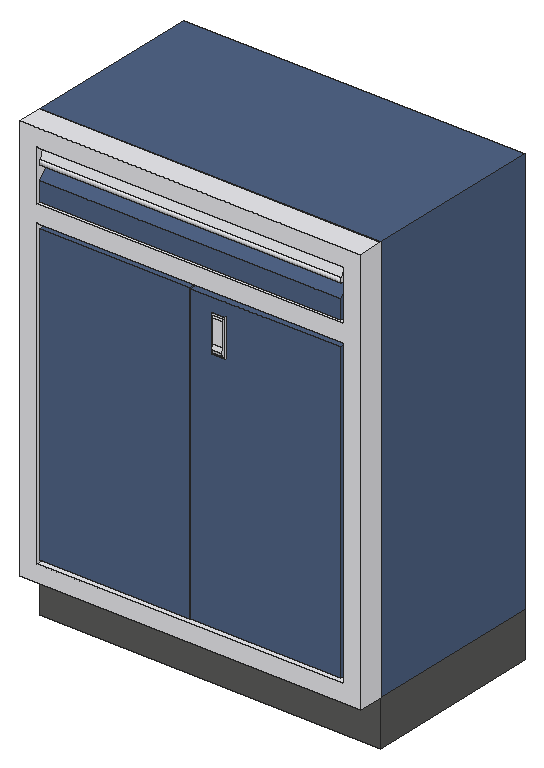
Revit family "Cabinet_Base-Cabinet_Single-Drawer_2-Doors_Moduline", category Furniture, Revit 2026
Family settings
  Classification Number = 23.40.20.00
  Work Plane-Based = No
  Enable Cutting in Views = No
  Always vertical = Yes
  Cut with Voids When Loaded = No
  Render Appearance Source = Family Geometry
  Shared = No
  Room Calculation Point = No
Parameters (values of type "36"H x 18"D x 30"W")
  Width = 30.000"
  URL = "https://modulinecabinets.com"
  Toe Kick Material [instance] = Metal - Moduline Aluminum Cabinets - Black
  Toe Kick Height [instance] = if(Toe Kick 2in, 2.000", 4.000")  # 4.000"
  Toe Kick 4in [instance] = not(Toe Kick 2in)  # yes
  Toe Kick 2in [instance] = no
  Product Page URL = "https://www.arcat.com/company/moduline-aluminum-cabinets-54175"
  Model = "Pro II Single Drawer Base Cabinet"
  Manufacturer = "Moduline Aluminum Cabinets"
  Keynote = "12 35 00"
  Height = 35.875"
  Handle Length = Width - 3.500"  # 26.500"
  Frame Material [instance] = Aluminum - Moduline Aluminum Cabinets - Clear Anodized
  Drawer Clearance = if(Depth = 24.000", 20.750", if(Depth = 18.000", 14.750", 0.000"))  # 14.750"
  Description = "Modular Single Drawer & Double Door Base Cabinet, 36\" Height x 18\" Depth x 30\" Width"
  Depth = 18.000"
  Default Elevation = 0.000"
  Copyright = "ARCAT"
  Cabinet Material [instance] = Aluminum - Moduline Aluminum Cabinets - Moduline Blue
Types (12): name | Width | Height | Handle Length | Drawer Clearance | Description | Depth
  36"H x 24"D x 36"W | 36.000" | 35.875" | 32.500" | 20.750" | "Modular Single Drawer & Double Door Base Cabinet, 36\" Height x 24\" Depth x 36\" Width" | 24.000"
  36"H x 24"D x 32"W | 32.00613" | 35.875" | 28.50613" | 20.750" | "Modular Single Drawer & Double Door Base Cabinet, 36\" Height x 24\" Depth x 32\" Width" | 24.000"
  36"H x 24"D x 30"W | 30.000" | 35.875" | 26.500" | 20.750" | "Modular Single Drawer & Double Door Base Cabinet, 36\" Height x 24\" Depth x 30\" Width" | 24.000"
  36"H x 18"D x 36"W | 36.000" | 35.875" | 32.500" | 14.750" | "Modular Single Drawer & Double Door Base Cabinet, 36\" Height x 18\" Depth x 36\" Width" | 18.000"
  36"H x 18"D x 32"W | 32.000" | 35.875" | 28.500" | 14.750" | "Modular Single Drawer & Double Door Base Cabinet, 36\" Height x 18\" Depth x 32\" Width" | 18.000"
  36"H x 18"D x 30"W | 30.000" | 35.875" | 26.500" | 14.750" | "Modular Single Drawer & Double Door Base Cabinet, 36\" Height x 18\" Depth x 30\" Width" | 18.000"
  32"H x 24"D x 36"W | 36.000" | 31.875" | 32.500" | 20.750" | "Modular Single Drawer & Double Door Base Cabinet, 32\" Height x 24\" Depth x 36\" Width" | 24.000"
  32"H x 24"D x 32"W | 32.000" | 31.875" | 28.500" | 20.750" | "Modular Single Drawer & Double Door Base Cabinet, 32\" Height x 24\" Depth x 32\" Width" | 24.000"
  32"H x 24"D x 30"W | 30.000" | 31.875" | 26.500" | 20.750" | "Modular Single Drawer & Double Door Base Cabinet, 32\" Height x 24\" Depth x 30\" Width" | 24.000"
  32"H x 18"D x 36"W | 36.000" | 31.875" | 32.500" | 14.750" | "Modular Single Drawer & Double Door Base Cabinet, 32\" Height x 18\" Depth x 36\" Width" | 18.000"
  32"H x 18"D x 32"W | 32.000" | 31.875" | 28.500" | 14.750" | "Modular Single Drawer & Double Door Base Cabinet, 32\" Height x 18\" Depth x 32\" Width" | 18.000"
  32"H x 18"D x 30"W | 30.000" | 31.875" | 26.500" | 14.750" | "Modular Single Drawer & Double Door Base Cabinet, 32\" Height x 18\" Depth x 30\" Width" | 18.000"
Reference planes (in)
  plane 1 "Center Front/Back": y = 0
  plane 2 "Bottom": z = 0
  plane 3 "Center Left/Right": x = 0
  plane 4 "Top": z = 39.875
  plane 5 "Left": x = -15
  plane 6 "Right": x = 15
  plane 7 "Toe Kick Height": z = 4
  plane 8 "Front": y = -18
  plane 9 "Frame Back": y = -15.81448
  plane 10 "Drawer Handle": y = -16.25
  plane 11 "Left Door/Drawer": x = -13.25
  plane 12 "Right Door/Drawer": x = 13.25
Forms (in)
  Extrusion 1, solid, material "Metal - Moduline Aluminum Cabinets - Black" <- "Toe Kick Material"
    sketch origin (0, 0, 0) x (0, 1, 0) y (0, 0, 1)
      loop
        line (-15.81448, 4) -> (-15.81448, 0) -> (0, 0) -> (0, 4) -> (-15.81448, 4)
    from -15 to 15
  Extrusion 2, solid, material "Aluminum - Moduline Aluminum Cabinets - Moduline Blue" <- "Cabinet Material"
    sketch origin (0, 0, 0) x (0, 1, 0) y (0, 0, 1)
      loop
        line (-15.81448, 39.875) -> (-15.81448, 4) -> (0, 4) -> (0, 39.875) -> (-15.81448, 39.875)
    from -15 to 15
  Extrusion 3, solid, material "Aluminum - Moduline Aluminum Cabinets - Clear Anodized" <- "Frame Material"
    sketch origin (0, 0, 0) x (1, 0, 0) y (0, 0, 1)
      loop
        line (-15, 39.875) -> (-15, 4) -> (15, 4) -> (15, 39.875) -> (-15, 39.875)
      loop
        line (-13.5, 38.375) -> (-13.5, 33.85206) -> (13.5, 33.85206) -> (13.5, 38.375) -> (-13.5, 38.375)
      loop
        line (-13.5, 5.5) -> (13.5, 5.5) -> (13.5, 32.35206) -> (-13.5, 32.35206) -> (-13.5, 5.5)
    from 15.81448 to 18
  Extrusion 4, solid, material "Aluminum - Moduline Aluminum Cabinets - Moduline Blue" <- "Cabinet Material"
    sketch origin (0, 0, 0) x (1, 0, 0) y (0, 0, 1)
      loop
        line (-13.25, 31.95206) -> (-13.25, 5.9) -> (-0.06202, 5.9) -> (-0.06202, 31.95206) -> (-13.25, 31.95206)
      loop
        line (13.25, 5.9) -> (13.25, 31.95206) -> (0.06202, 31.95206) -> (0.06202, 5.9) -> (13.25, 5.9)
    from 15.81448 to 18
  Extrusion 5, solid, material "Aluminum - Moduline Aluminum Cabinets - Moduline Blue" <- "Cabinet Material"
    sketch origin (0, 0, 0) x (0, 1, 0) y (0, 0, 1)
      loop
        line (-15.81448, 37.79768) -> (-17.06448, 37.79768) -> (-17.06448, 36.69345) -> (-18, 35.75794) -> (-18, 34.06844) -> (-15.81448, 34.06844) -> (-15.81448, 37.79768)
    from -13.25 to 13.25
Cuts and joins
  joined: Extrusion 2, Extrusion 4, Extrusion 5
Lines and regions (in)
  Masking region 1
    outline origin (0, 0, 0) x (1, 0, 0) y (0, 1, 0)
      loop
        line (-15, 0) -> (-15, -18) -> (15, -18) -> (15, 0) -> (-15, 0)
  model lines
    curve 1: line (15, 0, 39.3385) -> (15, 0, 39.50732)
  symbolic lines, style "FurnitureHiddenLines"
    curve 2: line (-15, -18, 39.875) -> (-15, -32.75, 39.875)
    curve 3: line (-15, -32.75, 39.875) -> (15, -32.75, 39.875)
    curve 4: line (15, -32.75, 39.875) -> (15, -18, 39.875)
Dimensions and locks (in)
  "Toe Kick Height": plane 7 "Toe Kick Height" to plane 2 "Bottom"
  "Height": plane 4 "Top" to plane 7 "Toe Kick Height"
  "Width": plane 6 "Right" to plane 5 "Left"
  equal spacing: plane 6 "Right", plane 3 "Center Left/Right", plane 5 "Left"
  locked: plane 8 "Front" to Extrusion 1 sketch curve at 2.18552
  plane 8 "Front" to Extrusion 2 sketch curve = 2.18552"
  plane 9 "Frame Back" to plane 8 "Front" = 2.18552"
  locked: Extrusion 2 to Extrusion 3 sketch curve at 1.5  (x2)
  locked: Extrusion 3 sketch curve to Extrusion 2 at 1.5  (x2)
  locked: Extrusion 3 sketch curve to Extrusion 3 sketch curve at 1.5
  Extrusion 4 sketch curve to plane 7 "Toe Kick Height" = 1.900"  (x2)
  plane 4 "Top" to Extrusion 4 sketch curve = 7.92294"
  equal spacing: Extrusion 4 sketch curve, plane 3 "Center Left/Right", Extrusion 4 sketch curve
  equal spacing: plane 6 "Right", Extrusion 4 sketch curve, plane 3 "Center Left/Right", Extrusion 4 sketch curve, plane 5 "Left"
  plane 9 "Frame Back" to plane 10 "Drawer Handle" = 0.43552"
  "Depth": plane 8 "Front" to plane 1 "Center Front/Back"
  locked: plane 4 "Top" to nested 2 at 3.6782
  locked: plane 4 "Top" to nested 1 at 10.77294
  "Drawer Clearance": curve 3 to plane 8 "Front"
  plane 4 "Top" to Extrusion 5 sketch curve = 2.07732"
  "Handle Length": plane 12 "Right Door/Drawer" to plane 11 "Left Door/Drawer"
  equal spacing: plane 12 "Right Door/Drawer", plane 3 "Center Left/Right", plane 11 "Left Door/Drawer"
  aligned and locked: level to plane 2 "Bottom"
  aligned and locked: plane 7 "Toe Kick Height" to Extrusion 1 sketch curve
  aligned and locked: plane 1 "Center Front/Back" to Extrusion 1 sketch curve
  aligned and locked: plane 2 "Bottom" to Extrusion 1 sketch curve
  aligned and locked: plane 6 "Right" to Extrusion 1
  aligned and locked: Extrusion 1 to plane 5 "Left"
  aligned and locked: plane 1 "Center Front/Back" to Extrusion 2 sketch curve
  aligned and locked: Extrusion 2 sketch curve to plane 4 "Top"
  aligned and locked: Extrusion 2 sketch curve to plane 7 "Toe Kick Height"
  aligned and locked: plane 6 "Right" to Extrusion 2
  aligned and locked: Extrusion 2 to plane 5 "Left"
  aligned and locked: Extrusion 3 sketch curve to plane 4 "Top"
  aligned and locked: plane 5 "Left" to Extrusion 3 sketch curve
  aligned and locked: Extrusion 3 sketch curve to plane 6 "Right"
  aligned and locked: Extrusion 3 sketch curve to plane 7 "Toe Kick Height"
  aligned and locked: Extrusion 3 to plane 8 "Front"
  aligned and locked: plane 9 "Frame Back" to Extrusion 3
  aligned and locked: plane 9 "Frame Back" to Extrusion 4
  aligned and locked: Extrusion 4 to plane 8 "Front"
  aligned and locked: Masking region 1 sketch curve to plane 6 "Right"
  aligned and locked: plane 1 "Center Front/Back" to Masking region 1 sketch curve
  aligned and locked: plane 5 "Left" to Masking region 1 sketch curve
  aligned and locked: plane 8 "Front" to Masking region 1 sketch curve
  aligned and locked: plane 3 "Center Left/Right" to nested 2
  aligned and locked: plane 9 "Frame Back" to Extrusion 5 sketch curve
  aligned and locked: Extrusion 5 sketch curve to plane 8 "Front"
  aligned and locked: plane 12 "Right Door/Drawer" to cut or joined group of Extrusion 2, Extrusion 4, Extrusion 5
  aligned and locked: cut or joined group of Extrusion 2, Extrusion 4, Extrusion 5 to plane 11 "Left Door/Drawer"
  aligned and locked: plane 11 "Left Door/Drawer" to Extrusion 4 sketch curve
  aligned and locked: Extrusion 4 sketch curve to plane 12 "Right Door/Drawer"
Automatic sketch dimensions
  Extrusion 3 sketch curve to Extrusion 3 sketch curve = 6.02294"
  Extrusion 3 sketch curve to Extrusion 3 sketch curve = 0.000"  (x2)
  curve 1 to plane 6 "Right" = 0.000"
  curve 1 to plane 4 "Top" = 0.5365"
  curve 1 to curve 1 = 0.16882"
  plane 10 "Drawer Handle" to Extrusion 5 sketch curve = 0.81448"
  Extrusion 5 sketch curve to Extrusion 5 sketch curve = 1.6895"
  Extrusion 5 sketch curve to Extrusion 5 sketch curve = 0.93552"
  Extrusion 5 sketch curve to Extrusion 5 sketch curve = 1.10423"
  Extrusion 4 sketch curve to plane 3 "Center Left/Right" = 0.06202"
  Extrusion 4 sketch curve to plane 4 "Top" = 7.92294"
  curve 4 to plane 6 "Right" = 0.000"
  curve 3 to plane 5 "Left" = 0.000"
  curve 4 to plane 8 "Front" = 0.000"
  curve 2 to plane 8 "Front" = 0.000"
Nested families (in)
  nested 1: "NEST_Door-Trigger_Latch" at (2.5, -18, 29.10206) x (1, 0, 0) z (0, -1, 0), Trigger Latch Material <- "Frame Material", type "NEST_Door-Trigger_Latch"
    with Trigger Latch Material Aluminum - Moduline Aluminum Cabinets - Clear Anodized
  nested 2: "NEST_QuickDraw-Single_Action_Latch_System" at (0, -16.25, 36.1968) x (1, 0, 0) z (0, -1, 0), Length <- "Handle Length", Drawer Handle Material <- "Frame Material", type "NEST_QuickDraw-Single_Action_Latch_System"
    with Length 26.500", Drawer Handle Material Aluminum - Moduline Aluminum Cabinets - Clear Anodized
Definition of nested family "NEST_Door-Trigger_Latch"
  Parameters (values of type "NEST_Door-Trigger_Latch")
    Trigger Latch Material [instance] = none
    Default Elevation = 48.000"
  Reference planes (in)
    plane 1 "Center (Front/Back)": y = 0
    plane 2: z = 0
    plane 3 "Center (Left/Right)": x = 0
  Forms (in)
    Extrusion 1, solid
      sketch origin (0, 0, 0) x (1, 0, 0) y (0, 1, 0)
        loop
          line (-48, 48) -> (-48, -48) -> (48, -48) -> (48, 48) -> (-48, 48)
      from 0 to -12
    Extrusion 2, solid, material <- "Trigger Latch Material"
      sketch origin (0, -0.30873, 0) x (1, 0, 0) y (0, 1, 0)
        loop
          line (-0.57447, 1.93373) -> (-0.57447, -1.31627) -> (0.57447, -1.31627) -> (0.57447, 1.93373) -> (-0.57447, 1.93373)
      from 0 to 0.07286
    Extrusion 3, solid, material <- "Trigger Latch Material"
      sketch origin (0, -0.47429, 0) x (0, 1, 0) y (0, 0, 1)
        loop
          line (-0.98515, 0.07286) -> (1.93373, 0.07286) -> (1.75078, 0.10926) -> (-0.28542, 0.10926) -> (-0.74127, 0.22291) -> (-0.98515, 0.10919) -> (-0.98515, 0.07286)
      from -0.45147 to 0.45147
  Cuts and joins
    joined: Extrusion 2, Extrusion 3
  Dimensions and locks (in)
    equal spacing: Extrusion 2 sketch curve, plane 3 "Center (Left/Right)", Extrusion 2 sketch curve, locked at 0.57447 each
    equal spacing: Extrusion 2 sketch curve, plane 1 "Center (Front/Back)", Extrusion 2 sketch curve, locked at 1.625 each
    aligned and locked: plane 2 to Extrusion 1
    aligned and locked: level to Extrusion 1
Definition of nested family "NEST_QuickDraw-Single_Action_Latch_System"
  Parameters (values of type "NEST_QuickDraw-Single_Action_Latch_System")
    Length [instance] = 32.29395"
    Drawer Handle Material [instance] = none
    Default Elevation = 48.000"
  Reference planes (in)
    plane 1 "Center (Front/Back)": y = 0
    plane 2: z = 0
    plane 3 "Center (Left/Right)": x = 0
    plane 4: x = 16.14697
    plane 5: x = -16.14697
  Forms (in)
    Extrusion 1, solid
      sketch origin (0, 0, 0) x (1, 0, 0) y (0, 1, 0)
        loop
          line (-48, 48) -> (-48, -48) -> (48, -48) -> (48, 48) -> (-48, 48)
      from 0 to -12
    Extrusion 2, solid, material <- "Drawer Handle Material"
      sketch origin (0.42706, -1.25604, -0.04495) x (0, 1, 0) y (0, 0, 1)
        loop
          line (3.19475, 0.04495) -> (3.19475, 1.41644) -> (2.42653, 1.66605)
          arc (2.42653, 1.66605) -> (2.07868, 1.7476) -> (2.33745, 1.50125) r 0.18511
          line (2.33745, 1.50125) -> (2.85692, 1.33246) -> (2.85692, 0.04495) -> (3.19475, 0.04495)
      from -16.57403 to 15.71991
  Dimensions and locks (in)
    equal spacing: plane 5, plane 3 "Center (Left/Right)", plane 4
    "Length": plane 5 to plane 4
    aligned and locked: plane 2 to Extrusion 1
    aligned and locked: level to Extrusion 1
    aligned and locked: plane 2 to Extrusion 2 sketch curve
    aligned and locked: plane 5 to Extrusion 2
    aligned and locked: plane 4 to Extrusion 2
  Automatic sketch dimensions
    Extrusion 1 sketch curve to Extrusion 1 sketch curve = 96.000"  (x2)
    Extrusion 2 sketch curve to Extrusion 2 sketch curve = 0.09592"
    Extrusion 2 sketch curve to Extrusion 2 sketch curve = 0.185"
    Extrusion 2 sketch curve to Extrusion 2 sketch curve = 0.51947"
    Extrusion 2 sketch curve to Extrusion 2 sketch curve = 0.33783"
    Extrusion 2 sketch curve to Extrusion 2 sketch curve = 1.28751"
    Extrusion 2 sketch curve to Extrusion 2 sketch curve = 0.08398"
    Extrusion 2 sketch curve to Extrusion 2 sketch curve = 0.16879"
    Extrusion 2 sketch curve to Extrusion 2 sketch curve = 0.15832"
    Extrusion 2 sketch curve to plane 1 "Center (Front/Back)" = 0.98549"
